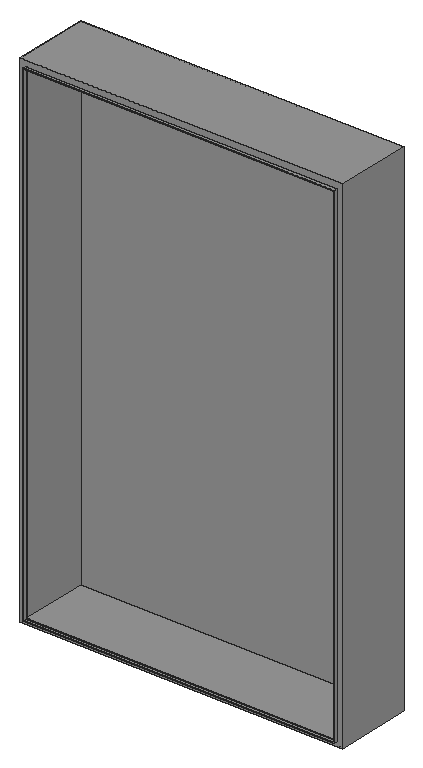
Revit family "Hager-Univers-IP30-D205-H1250-Cl.II-Encl-NoHosted-CH-fr", category Electrical Equipment, Revit 2020
Family settings
  Panel Configuration = Two Columns, Circuits Across
  Round Connector Dimension = Use Diameter
  Part Type = Panelboard
  Work Plane-Based = Yes
  Always vertical = Yes
  Cut with Voids When Loaded = No
  Shared = No
  Room Calculation Point = No
Parameters (values of type "saillie IP30 L800 H1250 P205  - FP83Q1S")
  Width Control [instance] = if([EF000008 - largeur] > Min Width, [EF000008 - largeur], Min Width)  # 800 mm
  Type Comments = [HG000003 - Gamme]  # "Univers"
  Thickness Door [instance] = if([EF009171 - épaisseur de matériau de la porte/du couvercle] > 3 mm, 3 mm, [EF009171 - épaisseur de matériau de la porte/du couvercle])  # 1 mm
  Seal Frame Offset [instance] = 17 mm  # constant formula
  Plinth Visibility [instance] = [HG000027 - Hauteur du socle] > 0 mm  # no
  Min Width [instance] = 100 mm  # constant formula
  Min Depth [instance] = (2 * [EF009170 - épaisseur de matériau du boîtier]) + 1 mm  # 3 mm
  Min Height [instance] = 100 mm  # constant formula
  Internal Frame Depth [instance] = (Door System Depth * 0.5)  # 9 mm
  Panel Name [instance] = ""  # (empty or 0)
  Model = ""
  HG000027 - Hauteur du socle = 0 mm
  HG000026 - Installation au sol = no
  HG000024 - Hauteur de la section basse = 600 mm
  HG000023 - Armoire double section = no
  HG000016 - Visibilité de la porte 3D [instance] = yes
  HG000015 - Visibilité de l'emprise de la porte [instance] = no
  HG000014 - Porte à droite [instance] = yes
  HG000013 - Porte à gauche [instance] = not([HG000014 - Porte à droite])  # no
  HG000012 - Angle de pivotement de la porte [instance] = 30.00°
  HG000010 - Portes asymétriques = no
  HG000009 - Porte à double battant = no
  HG000006 - Encastré = no
  HG000004 - Référence fabricant = "FP83Q1S"
  HG000003 - Gamme = "Univers"
  HG000002 - avec porte = no
  Frame Offset Bottom [instance] = 10 mm  # constant formula
  Frame Offset [instance] = 15 mm  # constant formula
  EF015940 - couvercle avec décharge de pression = no
  EF011959 - degré de protection (NEMA) = ""
  EF009554 - nombre d'ouvertures pour plaques à bride = 6
  EF009212 - finition du couvercle = "EV009916 - avec échancrure"
  EF009171 - épaisseur de matériau de la porte/du couvercle = 1 mm
  EF009170 - épaisseur de matériau du boîtier = 1 mm
  EF008873 - courant nominal (In) = 250 A
  EF007800 - adapté à un parafoudre = no
  EF006306 - avec serrure = no
  EF006244 - couvercle/porte transparent(e) = no
  EF005474 - indice de protection (IP) = "EV006410 - IP30"
  EF004464 - type de porte = "EV000494 - sans"
  EF004427 - nombre de modules = 288
  EF004293 - indice de protection contre les chocs (IK) = "EV006813 - IK07"
  EF003532 - convient pour utilisation à l’extérieur = no
  EF002950 - largeur en nombre de modules = 36
  EF001613 - maintien de fonction = "EV000494 - sans"
  EF001596 - matériau du boîtier/corps = "EV000179 - acier"
  EF001131 - profondeur intérieure = 130 mm
  EF001088 - possibilité de montage en saillie = yes
  EF000437 - nombre d'entrées de conduit = 6
  EF000339 - type de capot = "EV000494 - sans"
  EF000266 - nombre de rangées = 8
  EF000218 - profondeur d'encastrement = 0 mm
  EF000118 - avec cadre/support de montage = no
  EF000116 - numéro RAL = "9010"
  EF000049 - profondeur = 205 mm
  EF000040 - hauteur = 1250 mm
  EF000008 - largeur = 800 mm
  EF000007 - couleur = "EV000202 - blanc"
  EF000003 - mode de pose = "EV000384 - saillie"
  Door System Leaf Tolerance [instance] = 1.5 mm  # constant formula
  Door System Depth [instance] = 18 mm  # constant formula
  Door Height [instance] = Height Control - [HG000027 - Hauteur du socle]  # 1250 mm
  Description = ""
  Default Elevation = 1219.2 mm
  Connector Offset [instance] = Height Control / 2  # 625 mm
  Manufacturer = "Hager"  # constant formula
  Height Control [instance] = if([EF000040 - hauteur] > Min Height, [EF000040 - hauteur], Min Height)  # 1250 mm
  Depth Control [instance] = if([EF000049 - profondeur] > Min Depth, [EF000049 - profondeur], Min Depth)  # 205 mm
  Bottom Top Plate Trim [instance] = 1.5 mm  # constant formula
  Plinth height Ctrl [instance] = if([HG000027 - Hauteur du socle] > 0 mm, [HG000027 - Hauteur du socle], 12 mm)  # 12 mm
Types (5, lengths in mm): name | Width Control | HG000004 - Référence fabricant | EF009554 - nombre d'ouvertures pour plaques à bride | EF004427 - nombre de modules | EF002950 - largeur en nombre de modules | EF000437 - nombre d'entrées de conduit | EF000008 - largeur
  saillie IP30 L1050 H1250 P205  - FP84Q1S | 1050 | "FP84Q1S" | 8 | 384 | 48 | 8 | 1050
  saillie IP30 L1300 H1250 P205  - FP85Q1S | 1300 | "FP85Q1S" | 10 | 480 | 60 | 10 | 1300
  saillie IP30 L300 H1250 P205  - FP81Q1S | 300 | "FP81Q1S" | 2 | 96 | 12 | 2 | 300
  saillie IP30 L550 H1250 P205  - FP82Q1S | 550 | "FP82Q1S" | 4 | 192 | 24 | 4 | 550
  saillie IP30 L800 H1250 P205  - FP83Q1S | 800 | "FP83Q1S" | 6 | 288 | 36 | 6 | 800
Reference planes
  plane 1 "Center (Front/Back)": y = 0
  plane 2: z = 0
  plane 3 "Center (Left/Right)": x = 0
  plane 4: y = 0
  plane 5: y = 0
  plane 6: z = 0
  plane 7: x = -400
  plane 8: x = 400
  plane 9: x = 399
  plane 10: x = -399
  plane 11: z = 0
  plane 12: z = 1
  plane 13: y = -205
  plane 14: y = -1
  plane 15: x = 0
  plane 16: y = -187
  plane 17: y = -204
  plane 18: y = -186
  plane 19: x = -384
  plane 20: x = 384
  plane 21: z = 11
  plane 22: x = -383
  plane 23: x = 383
  plane 24: z = 0
  plane 25: z = 1250
  plane 26: z = 1250
  plane 27: z = 1234
  plane 28: z = 1249
Forms (mm)
  Extrusion 1, solid, material "Hager_Steel_RAL7035_Light_Grey", detail levels medium+fine
    sketch origin (-208.679, -4572, 0) x (-1, 0, 0) y (0, -1, 0)
      loop
        line (191.321, -4385) -> (-608.679, -4385) -> (-608.679, -4572) -> (191.321, -4572) -> (191.321, -4385)
    from 0 to 1250
  Extrusion 2, void
    sketch origin (-350.771, -205, 1219.2) x (1, 0, 0) y (0, 0, 1)
      loop
        line (-48.229, 29.8) -> (-48.229, -1218.2) -> (749.771, -1218.2) -> (749.771, 29.8) -> (-48.229, 29.8)
    from -19 to -204
  Extrusion 3, void
    sketch origin (-290.084, -187, 1219.2) x (1, 0, 0) y (0, 0, 1)
      loop
        line (-93.916, -1208.2) -> (674.084, -1208.2) -> (674.084, 14.8) -> (-93.916, 14.8) -> (-93.916, -1208.2)
    from 0 to -1
  Extrusion 4, solid, material "Hager_Steel_RAL7035_Light_Grey", visible <- "Plinth Visibility", detail levels medium+fine
    sketch origin (0, 0, 0) x (1, 0, 0) y (0, 1, 0)
      loop
        line (-400, 0) -> (-400, -187) -> (400, -187) -> (400, 0) -> (-400, 0)
    from 0 to 12 <- "Plinth height Ctrl"
  Extrusion 5, solid, material "Hager_Steel_RAL7035_Light_Grey", detail levels coarse
    sketch origin (0, 0, 0) x (1, 0, 0) y (0, 1, 0)
      loop
        line (-400, 0) -> (-400, -205) -> (400, -205) -> (400, 0) -> (-400, 0)
    from 0 to 1250 <- "Height Control"
  Sweep 6, void
    path in 3D
      loop
        line (-400, -187, 12) -> (400, -187, 12) -> (400, 0, 12) -> (-400, 0, 12) -> (-400, -187, 12)
    profile origin (-400, -93.5, 12) x (1, 0, 0) y (0, 0, 1)
      loop
        line (0, 0) -> (0, -1.5) -> (1.5, -1.5)
        arc (1.5, -1.5) -> (1.061, -0.439) -> (0, 0) r 1.5
  Extrusion 7, solid, material "Hager_Steel_RAL7035_Light_Grey", detail levels fine
    sketch origin (-400, -187, 0) x (1, 0, 0) y (0, 0, 1)
      loop
        line (16, 11) -> (784, 11) -> (784, 1234) -> (16, 1234) -> (16, 11)
      loop
        line (15, 10) -> (785, 10) -> (785, 1235) -> (15, 1235) -> (15, 10)
    from 0 to 9 <- "Internal Frame Depth"
Cuts and joins
  Extrusion 2, Extrusion 3 cuts Extrusion 1
  Sweep 6 cuts Extrusion 4
Lines and regions (mm)
  Masking region 1
    outline origin (0, 0, 0) x (1, 0, 0) y (0, 1, 0)
      loop
        line (-400, 0) -> (-400, -205) -> (400, -205) -> (400, 0) -> (-400, 0)
  Masking region 2, detail levels coarse
    outline origin (-290.084, -187, 1219.2) x (-1, 0, 0) y (0, 0, 1)
      loop
        line (-690.084, -1219.2) -> (109.916, -1219.2) -> (109.916, 30.8) -> (-690.084, 30.8) -> (-690.084, -1219.2)
  Masking region 3, detail levels coarse
    outline origin (0, 0, 0) x (0, 1, 0) y (0, 0, 1)
      loop
        line (0, 0) -> (0, 1250) -> (-205, 1250) -> (-205, 0) -> (0, 0)
  Masking region 4, visible <- "Plinth Visibility", detail levels medium+fine
    outline origin (0, 0, 0) x (0, 1, 0) y (0, 0, 1)
      loop
        line (-1.5, 12) -> (-185.5, 12)
        arc (-185.5, 12) -> (-185.939, 10.939) -> (-187, 10.5) r 1.5
        line (-187, 10.5) -> (-187, 0) -> (0, 0) -> (0, 10.5)
        arc (0, 10.5) -> (-1.061, 10.939) -> (-1.5, 12) r 1.5
  Masking region 5, detail levels medium+fine
    outline origin (0, 0, 594.038) x (0, 1, 0) y (0, 0, 1)
      loop
        line (0, -594.038) -> (0, 655.962) -> (-187, 655.962) -> (-187, -594.038) -> (0, -594.038)
  Masking region 6, detail levels medium+fine
    outline origin (-359.7, -187, 1211.883) x (-1, 0, 0) y (0, 0, 1)
      loop
        line (-759.7, -1211.883) -> (40.3, -1211.883) -> (40.3, 38.117) -> (-759.7, 38.117) -> (-759.7, -1211.883)
  Masking region 7, visible <- "Plinth Visibility", detail levels medium+fine
    outline origin (-320.334, -187, 1041.368) x (-1, 0, 0) y (0, 0, 1)
      loop
        line (-720.334, -1041.368) -> (79.666, -1041.368) -> (79.666, -1030.868)
        arc (79.666, -1030.868) -> (78.606, -1030.429) -> (78.166, -1029.368) r 1.5
        line (78.166, -1029.368) -> (-718.834, -1029.368)
        arc (-718.834, -1029.368) -> (-719.273, -1030.429) -> (-720.334, -1030.868) r 1.5
        line (-720.334, -1030.868) -> (-720.334, -1041.368)
  sketch lines
    curve 1: line (-400, 0, 12) -> (-400, -187, 12)
    curve 2: line (-400, -187, 12) -> (400, -187, 12)
    curve 3: line (400, 0, 12) -> (-400, 0, 12)
    curve 4: line (400, -187, 12) -> (400, 0, 12)
Dimensions and locks
  locked: plane 1 "Center (Front/Back)" to plane 5
  "EF009170 - épaisseur de matériau du boîtier": plane 7 to plane 10
  "EF009170 - épaisseur de matériau du boîtier": plane 8 to plane 9
  equal spacing: plane 7, plane 3 "Center (Left/Right)", plane 8
  "Width Control": plane 7 to plane 8
  "Depth Control": plane 4 to plane 13
  "EF009170 - épaisseur de matériau du boîtier": plane 4 to plane 14
  "Height Control": plane 25 to level
  "HG000027 - Hauteur du socle": plane 11 to level
  "EF009170 - épaisseur de matériau du boîtier": plane 12 to plane 11
  "EF009170 - épaisseur de matériau du boîtier": plane 17 to plane 13
  "EF009170 - épaisseur de matériau du boîtier": plane 18 to plane 16
  "Frame Offset Bottom": plane 21 to plane 12
  "Frame Offset": plane 10 to plane 19
  "Frame Offset": plane 9 to plane 20
  "Door System Depth": plane 16 to plane 13
  "Seal Frame Offset": plane 7 to plane 22
  "Seal Frame Offset": plane 8 to plane 23
  "EF009170 - épaisseur de matériau du boîtier": plane 26 to plane 28
  "Frame Offset": plane 28 to plane 27
  "Connector Offset": plane 2 to connector elem
  "Bottom Top Plate Trim": profile plane to Sweep 6 sketch curve
  "Bottom Top Plate Trim": Sweep 6 sketch curve to Sweep 6 sketch curve
  "Plinth height Ctrl": Masking region 4 sketch curve to level
  "Plinth height Ctrl": Masking region 7 sketch curve to level
  "Thickness Door": Extrusion 7 sketch curve to Extrusion 7 sketch curve  (x4)
  "Bottom Top Plate Trim": radius of Sweep 6 sketch curve
  "Bottom Top Plate Trim": radius of Masking region 4 sketch curve  (x2)
  "Bottom Top Plate Trim": radius of Masking region 7 sketch curve  (x2)
  aligned and locked: Extrusion 2 sketch curve to plane 12
  aligned and locked: Extrusion 2 sketch curve to plane 9
  aligned and locked: Extrusion 2 sketch curve to plane 10
  aligned and locked: Extrusion 2 to plane 14
  aligned and locked: Extrusion 1 sketch curve to plane 4
  aligned and locked: plane 8 to Extrusion 1 sketch curve
  aligned and locked: plane 7 to Extrusion 1 sketch curve
  aligned and locked: Extrusion 2 to plane 18
  aligned and locked: Extrusion 3 sketch curve to plane 19
  aligned and locked: plane 20 to Extrusion 3 sketch curve
  aligned and locked: Extrusion 3 to Extrusion 2
  aligned and locked: Extrusion 3 sketch curve to plane 21
  aligned and locked: plane 3 "Center (Left/Right)" to nested 1
  aligned and locked: Extrusion 1 sketch curve to plane 16
  aligned and locked: Extrusion 4 sketch curve to cut or joined group of Extrusion 1, Extrusion 2, Extrusion 3
  aligned and locked: Masking region 1 sketch curve to plane 7
  aligned and locked: Masking region 1 sketch curve to plane 5
  aligned and locked: Masking region 1 sketch curve to plane 8
  aligned and locked: Masking region 2 sketch curve to level
  aligned and locked: level to Masking region 3 sketch curve
  aligned and locked: plane 1 "Center (Front/Back)" to Masking region 3 sketch curve
  aligned and locked: plane 13 to Masking region 3 sketch curve
  aligned and locked: plane 5 to Masking region 4 sketch curve
  aligned and locked: Masking region 2 sketch curve to plane 8
  aligned and locked: Masking region 2 sketch curve to plane 7
  aligned and locked: plane 7 to nested 2
  aligned and locked: nested 2 to plane 5
  aligned and locked: plane 5 to Masking region 5 sketch curve
  aligned and locked: plane 26 to Masking region 5 sketch curve
  aligned and locked: Extrusion 5 sketch curve to plane 8
  aligned and locked: Extrusion 5 sketch curve to plane 7
  aligned and locked: Extrusion 5 sketch curve to plane 5
  aligned and locked: Extrusion 3 sketch curve to plane 27
  aligned and locked: Extrusion 2 sketch curve to plane 28
  aligned and locked: Masking region 2 to plane 25
  aligned and locked: Extrusion 4 to plane 16
  aligned and locked: profile plane to Sweep 6 sketch curve
  aligned and locked: Masking region 5 sketch curve to plane 24
  aligned and locked: level to Masking region 4 sketch curve
  aligned and locked: Masking region 1 to plane 13
  aligned and locked: nested 1 to plane 16
  aligned and locked: Masking region 3 to plane 25
  aligned and locked: plane 16 to Masking region 4 sketch curve
  aligned and locked: Masking region 5 sketch curve to plane 16
  aligned and locked: plane 24 to plane 11
  aligned and locked: plane 26 to plane 25
  aligned and locked: plane 26 to cut or joined group of Extrusion 1, Extrusion 2, Extrusion 3
  aligned and locked: nested 1 to plane 24
  aligned and locked: Extrusion 1 to Extrusion 3
  aligned and locked: Masking region 6 sketch curve to plane 8
  aligned and locked: Masking region 6 sketch curve to plane 24
  aligned and locked: Masking region 6 sketch curve to plane 7
  aligned and locked: Masking region 6 sketch curve to plane 26
  aligned and locked: Masking region 7 sketch curve to plane 7
  aligned and locked: level to Masking region 7 sketch curve
  aligned and locked: Masking region 7 sketch curve to plane 8
  aligned and locked: Extrusion 7 sketch curve to cut or joined group of Extrusion 1, Extrusion 2, Extrusion 3  (x4)
Automatic sketch dimensions
  plane 19 to Extrusion 3 sketch curve = 0 mm
  Extrusion 3 sketch curve to plane 20 = 0 mm
  Extrusion 3 sketch curve to plane 21 = 0 mm
  Extrusion 4 sketch curve to plane 7 = 0 mm
  Extrusion 4 sketch curve to plane 8 = 0 mm
  Extrusion 4 sketch curve to plane 16 = 0 mm
  Masking region 1 sketch curve to plane 13 = 0 mm
  Masking region 2 sketch curve to plane 25 = 0 mm
  Masking region 3 sketch curve to plane 25 = 0 mm
  Extrusion 5 sketch curve to plane 13 = 0 mm
  profile plane to Sweep 6 sketch curve = 0 mm
Nested families
  nested 1: "EC000058_Univers_Door" at (0, -187, 0), Double <- "HG000009 - Porte à double battant", Transparent <- "EF006244 - couvercle/porte transparent(e)", Angle <- "HG000012 - Angle de pivotement de la porte", Door_Right <- "HG000014 - Porte à droite", Assymetrical <- "HG000010 - Portes asymétriques", Door <- "HG000002 - avec porte", Width_Ctrl <- "Width Control", 3d_Door <- "HG000016 - Visibilité de la porte 3D", Clearance <- "HG000015 - Visibilité de l'emprise de la porte", Door_Left <- "HG000013 - Porte à gauche", Width <- "Width Control", Door_Depth <- "Door System Depth", Leaf_Tolerance <- "Door System Leaf Tolerance", Height <- "Door Height", Lock_Visibility <- "EF006306 - avec serrure", Thickness <- "Thickness Door", type "EC000058_Univers_Door", detail levels medium+fine
    with min_wh 3 mm, Width_Ctrl 800 mm, Width 800 mm, Transparent no, Thickness 1 mm, Seal_Material Hager_Rubber, Lock_Visibility no, Lock_Material Hager_Plastic_RAL9005_Jet_Black, Leaf_Width 800 mm, Leaf_Tolerance_External_Sides 0 mm, Leaf_Tolerance 1.5 mm, Leaf_Offset 0 mm, Leaf_Height 1247 mm, Leaf_2_Width 800 mm, Leaf_2_Offset 400 mm, Leaf_1_Width 800 mm, Leaf_1_Offset 400 mm, Height_Ctrl 1250 mm, Height 1250 mm, Glass_Material Hager_Glass, Double_Clearance_Ctrl no, Double no, Door_Right_Ctrl no, Door_Right yes, Door_Material Hager_Steel_RAL7035_Light_Grey, Door_Left_Ctrl no, Door_Left no, Door_Depth 18 mm, Door no, Clearance_Material Hager_Clearance, Clearance_Depth 800 mm, Clearance_Ctrl no, Clearance no, Assymetrical no, Angle 30.00°, 3d_Door yes
  nested 2: "Hager_Enclosure_Symbol" at (-400, 0, 0), Height <- "Depth Control", Width <- "Width Control", type "Hager_Enclosure_Symbol"
    with Width_Ctrl 800 mm, Width 800 mm, Height_Ctrl 205 mm, Height 205 mm, A_Width_Int 13.453 mm, A_Width 161.438 mm, A_Height_Ctrl 179.375 mm, A_Height 179.375 mm
Connectors
  electrical at (0, 0, 625)
    settings: on plane 1 "Center (Front/Back)", index 1, voltage 0 V, apparent load 0 VA, apparent load phase1 0 VA, apparent load phase2 0 VA, apparent load phase3 0 VA, power factor 1, load classification "Other", number of poles 1, system type 30, power factor state 1, is connector primary yes, connector utility no, sub classification motor no, connector description ""
Definition of nested family "EC000058_Univers_Door"
  Parameters (values of type "EC000058_Univers_Door")
    min_wh [instance] = (2 * Thickness) + 1 mm  # 11 mm
    Width_Ctrl [instance] = 400 mm
    Width [instance] = 500 mm
    Transparent [instance] = yes
    Thickness [instance] = 5 mm
    Seal_Material [instance] = none
    Lock_Visibility [instance] = yes
    Lock_Material [instance] = none
    Leaf_Width [instance] = if((Width_Ctrl - 2 * Leaf_Tolerance_External_Sides) > 0 mm, (Width_Ctrl - 2 * Leaf_Tolerance_External_Sides), min_wh)  # 400 mm
    Leaf_Tolerance_External_Sides [instance] = 0 mm  # constant formula
    Leaf_Tolerance [instance] = 1.5 mm
    Leaf_Offset [instance] = 0 mm  # constant formula
    Leaf_Height [instance] = if((Height_Ctrl - 2 * Leaf_Tolerance) > 0 mm, (Height_Ctrl - 2 * Leaf_Tolerance), min_wh)  # 497 mm
    Leaf_2_Width [instance] = if(and(and(Double, Assymetrical), Door_Left), (Leaf_Width / 3) - (Leaf_Tolerance / 2), if(and(and(Double, Assymetrical), Door_Right), (Leaf_Width / 3) * 2 - (Leaf_Tolerance / 2), if(and(Double, not(Assymetrical)), (Leaf_Width / 2) - Leaf_Tolerance, Leaf_Width)))  # 400 mm
    Leaf_2_Offset [instance] = if(and(Double, Assymetrical), Leaf_2_Width / 2, if(and(Double, not(Assymetrical)), Leaf_Width / 4, Leaf_Width / 2))  # 200 mm
    Leaf_1_Width [instance] = if(and(and(Double, Assymetrical), Door_Right), (Leaf_Width / 3) - (Leaf_Tolerance / 2), if(and(and(Double, Assymetrical), Door_Left), (Width / 3) * 2 - (Leaf_Tolerance / 2), if(and(Double, not(Assymetrical)), (Leaf_Width / 2) - Leaf_Tolerance, Leaf_Width)))  # 400 mm
    Leaf_1_Offset [instance] = if(and(Double, Assymetrical), Leaf_1_Width / 2, if(and(Double, not(Assymetrical)), Leaf_Width / 4, Leaf_Width / 2))  # 200 mm
    Height_Ctrl [instance] = if(Height > min_wh, Height, min_wh)  # 500 mm
    Height [instance] = 500 mm
    Glass_Material [instance] = none
    Double_Clearance_Ctrl [instance] = and(Double, Clearance)  # no
    Double [instance] = no
    Door_Right_Ctrl [instance] = and(or(Door_Right, Double), Door)  # yes
    Door_Right [instance] = yes
    Door_Material [instance] = none
    Door_Left_Ctrl [instance] = and(or(Door_Left, Double), Door)  # no
    Door_Left [instance] = no
    Door_Depth [instance] = 30 mm
    Door [instance] = yes
    Default Elevation = 1219.2 mm
    Clearance_Material [instance] = none
    Clearance_Depth [instance] = if(Leaf_1_Width > Leaf_2_Width, Leaf_1_Width, Leaf_2_Width)  # 400 mm
    Clearance_Ctrl [instance] = and(not(Double), Clearance)  # yes
    Clearance [instance] = yes
    Assymetrical [instance] = yes
    Angle [instance] = 30.00°
    3d_Door [instance] = yes
  Reference planes
    plane 1 "Center (Front/Back)": y = 0
    plane 2 "Bottom": z = 0
    plane 3 "Center (Left/Right)": x = 0
    plane 4: z = 500
    plane 5: x = -200
    plane 6: x = 200
    plane 7: z = 500
    plane 8: x = -200
    plane 9: z = 0
    plane 10: x = 200
    plane 11: y = 0
    plane 12: z = 1.5
    plane 13: x = -600
    plane 14: y = -400
    plane 15: x = 600
    plane 16: x = 0
    plane 17: x = 0
    plane 18: x = -200
    plane 19: x = 200
    plane 20: z = 498.5
  Forms (mm)
    Extrusion 1, solid, material <- "Clearance_Material", visible <- "Double_Clearance_Ctrl"
      sketch origin (1200, 0, 0) x (1, 0, 0) y (0, 0, -1)
        loop
          line (-1800, -498.5) -> (-600, -498.5) -> (-600, 0) -> (-1800, 0) -> (-1800, -498.5)
      from 0 to -400
  Dimensions and locks
    equal spacing: plane 5, plane 3 "Center (Left/Right)", plane 6
    "Width_Ctrl": plane 5 to plane 6
    "Leaf_Offset": plane 5 to plane 8
    "Leaf_Offset": plane 6 to plane 10
    "Leaf_Offset": plane 9 to level
    "Leaf_Offset": plane 4 to plane 7
    "Height_Ctrl": plane 4 to level
    "Leaf_Tolerance": plane 12 to plane 9
    locked: plane 11 to plane 1 "Center (Front/Back)"
    "Leaf_1_Offset": plane 18 to plane 16
    "Leaf_2_Offset": plane 17 to plane 19
    "Leaf_1_Width": plane 13 to plane 8
    "Leaf_2_Width": plane 10 to plane 15
    "Clearance_Depth": plane 14 to plane 1 "Center (Front/Back)"
    "Leaf_Tolerance_External_Sides": plane 8 to plane 18
    "Leaf_Tolerance_External_Sides": plane 19 to plane 10
    "Leaf_Tolerance": plane 7 to plane 20
    aligned and locked: level to plane 2 "Bottom"
    aligned and locked: nested 1 to plane 16
    aligned and locked: nested 2 to plane 17
    aligned and locked: Extrusion 1 to plane 13
    aligned and locked: plane 15 to Extrusion 1
    aligned and locked: Extrusion 1 to plane 14
    aligned and locked: plane 12 to nested 1
    aligned and locked: nested 2 to plane 12
    aligned and locked: Extrusion 1 to plane 11
    aligned and locked: plane 20 to Extrusion 1
    aligned and locked: nested 2 to plane 11
    aligned and locked: nested 1 to plane 11
  Automatic sketch dimensions
    Extrusion 1 sketch curve to level = 0 mm
    plane 5 to Extrusion 1 sketch curve = 400 mm
    plane 6 to Extrusion 1 sketch curve = 400 mm
    Extrusion 1 sketch curve to plane 4 = 1.5 mm
  Nested families
    nested 1: "EC000058_Univers_Door_Leaf" at (0, 0, 1.5), Width <- "Leaf_1_Width", visible <- "Door_Left_Ctrl", Leaf_Height <- "Leaf_Height", Angle <- "Angle", 3d_Door <- "3d_Door", Transparent <- "Transparent", Clearance Material <- "Clearance_Material", Clearance <- "Clearance_Ctrl", Door_Material <- "Door_Material", Glass_Material <- "Glass_Material", Door_Depth <- "Door_Depth", Lock_Material <- "Lock_Material", Seal_Material <- "Seal_Material", Lock_Visibility <- "Lock_Visibility", Thickness <- "Thickness", type "EC000058_Univers_Door_Leaf"
      with Width 400 mm, Transparent_Glass_Offset 30 mm, Transparent_Ctrl yes, Transparent yes, Thickness 5 mm, Standard no, Seal_Material none, Seal_D2 8 mm, Seal_D1 1 mm, Offset_Internal_Frame 10 mm, Lock_Width 20 mm, Lock_Visibility_3d yes, Lock_Visibility yes, Lock_Thickness_3 3 mm, Lock_Thickness_2 1 mm, Lock_Thickness_1 3 mm, Lock_Radius_Offset_2 16 mm, Lock_Radius_Offset_1 15 mm, Lock_Radius_2 5 mm, Lock_Radius 6 mm, Lock_Offset 5 mm, Lock_Material none, Lock_Height 80 mm, Lock_Cover_Top_Offset_2d 17 mm, Lock_Cover_Height -65 mm, Leaf_Height 497 mm, Internal_Seal_Thickness 8 mm, Internal_Seal_Depth_2 4.5 mm, Internal_Frame_Depth 25 mm, Glass_Thickness -1 mm, Glass_Offset -2 mm, Glass_Material none, Door_Material none, Door_Depth 30 mm, Clearance Material none, Clearance yes, Angle_Ctrl 30.00°, Angle 30.00°, 3d_Door yes
    nested 2: "EC000058_Univers_Door_Leaf" at (0, 0, 1.5) x (-1, 0, 0) z (0, 0, 1), Width <- "Leaf_2_Width", visible <- "Door_Right_Ctrl", Leaf_Height <- "Leaf_Height", Angle <- "Angle", 3d_Door <- "3d_Door", Transparent <- "Transparent", Clearance Material <- "Clearance_Material", Clearance <- "Clearance_Ctrl", Door_Material <- "Door_Material", Glass_Material <- "Glass_Material", Door_Depth <- "Door_Depth", Lock_Material <- "Lock_Material", Seal_Material <- "Seal_Material", Lock_Visibility <- "Lock_Visibility", Thickness <- "Thickness", type "EC000058_Univers_Door_Leaf"
      with Width 400 mm, Transparent_Glass_Offset 30 mm, Transparent_Ctrl yes, Transparent yes, Thickness 5 mm, Standard no, Seal_Material none, Seal_D2 8 mm, Seal_D1 1 mm, Offset_Internal_Frame 10 mm, Lock_Width 20 mm, Lock_Visibility_3d yes, Lock_Visibility yes, Lock_Thickness_3 3 mm, Lock_Thickness_2 1 mm, Lock_Thickness_1 3 mm, Lock_Radius_Offset_2 16 mm, Lock_Radius_Offset_1 15 mm, Lock_Radius_2 5 mm, Lock_Radius 6 mm, Lock_Offset 5 mm, Lock_Material none, Lock_Height 80 mm, Lock_Cover_Top_Offset_2d 17 mm, Lock_Cover_Height -65 mm, Leaf_Height 497 mm, Internal_Seal_Thickness 8 mm, Internal_Seal_Depth_2 4.5 mm, Internal_Frame_Depth 25 mm, Glass_Thickness -1 mm, Glass_Offset -2 mm, Glass_Material none, Door_Material none, Door_Depth 30 mm, Clearance Material none, Clearance yes, Angle_Ctrl 30.00°, Angle 30.00°, 3d_Door yes
  Definition of nested family "EC000058_Univers_Door_Leaf"
    Parameters (values of type "EC000058_Univers_Door_Leaf")
      Width [instance] = 2000 mm
      Transparent_Glass_Offset [instance] = 30 mm
      Transparent_Ctrl [instance] = and(Transparent, [3d_Door])  # yes
      Transparent [instance] = yes
      Thickness [instance] = 5 mm
      Standard [instance] = and(not(Transparent), [3d_Door])  # no
      Seal_Material [instance] = none
      Seal_D2 [instance] = 8 mm  # constant formula
      Seal_D1 [instance] = 1 mm  # constant formula
      Offset_Internal_Frame [instance] = 10 mm  # constant formula
      Lock_Width [instance] = 20 mm  # constant formula
      Lock_Visibility_3d [instance] = and(Lock_Visibility, [3d_Door])  # yes
      Lock_Visibility [instance] = yes
      Lock_Thickness_3 [instance] = 3 mm  # constant formula
      Lock_Thickness_2 [instance] = 1 mm  # constant formula
      Lock_Thickness_1 [instance] = 3 mm  # constant formula
      Lock_Radius_Offset_2 [instance] = Lock_Radius_Offset_1 + 1 mm  # 16 mm
      Lock_Radius_Offset_1 [instance] = 15 mm  # constant formula
      Lock_Radius_2 [instance] = Lock_Radius - 1 mm  # 5 mm
      Lock_Radius [instance] = 6 mm  # constant formula
      Lock_Offset [instance] = 5 mm  # constant formula
      Lock_Material [instance] = none
      Lock_Height [instance] = 80 mm  # constant formula
      Lock_Cover_Top_Offset_2d [instance] = Lock_Radius_Offset_2 + 1 mm  # 17 mm
      Lock_Cover_Height [instance] = -(Lock_Height - Lock_Radius_Offset_1)  # -65 mm
      Leaf_Height [instance] = 2720.336 mm
      Internal_Seal_Thickness [instance] = 8 mm  # constant formula
      Internal_Seal_Depth_2 [instance] = 4.5 mm  # constant formula
      Internal_Frame_Depth [instance] = if(Door_Depth - Thickness > 5 mm, Door_Depth - Thickness, 5 mm)  # 25 mm
      Glass_Thickness [instance] = if(Thickness > 15 mm, Glass_Offset + 10 mm, -1 mm)  # -1 mm
      Glass_Offset [instance] = if(Thickness > 15 mm, -(Thickness + 10 mm) / 2, -2 mm)  # -2 mm
      Glass_Material [instance] = none
      Door_Material [instance] = none
      Door_Depth [instance] = 30 mm
      Default Elevation = 0 mm
      Clearance Material [instance] = none
      Clearance [instance] = yes
      Angle_Ctrl [instance] = if(Angle > 180.00°, 180.00°, Angle)  # 90.00°
      Angle [instance] = 90.00°
      3d_Door [instance] = yes
    Reference planes
      plane 1 "Center (Front/Back)": y = 0
      plane 2: z = 0
      plane 3 "Center (Left/Right)": x = 0
      plane 4: y = 2000
      plane 5: x = -1000
      plane 6: x = 1000
      plane 7: x = -3000
      plane 8: z = 2720.336
      plane 9: z = 30
      plane 10: z = 2690.336
      plane 11: x = 970
      plane 12: x = -970
      plane 13: y = -3
      plane 14: z = 107.833
      plane 15: y = -5
      plane 16: y = -223.314
      plane 17: x = -1000
      plane 18: z = 1360.168
      plane 19: y = 30
    Forms (mm)
      Extrusion 1, solid, material <- "Clearance Material", visible <- "Clearance"
        sketch origin (0, 0, 0) x (1, 0, 0) y (0, 0, 1)
          loop
            line (-3000, 2720.336) -> (-3000, 0) -> (1000, 0) -> (1000, 2720.336) -> (-3000, 2720.336)
        from 0 to -2000
      Extrusion 2, solid, material <- "Door_Material", visible <- "Standard", detail levels medium+fine
        sketch origin (-1000, 0, 0) x (0, 1, 0) y (-1, 0, 0)
          loop
            line (0, 30) -> (0, 25) -> (2000, 25) -> (2000, 30) -> (0, 30)
        from 0 to 2720.336 <- "Leaf_Height"
      Extrusion 3, solid, material <- "Door_Material", visible <- "Transparent_Ctrl", detail levels medium+fine
        sketch origin (-1000, 0, 0) x (0, 1, 0) y (-1, 0, 0)
          loop
            line (0, 25) -> (2000, 25) -> (2000, 30) -> (0, 30) -> (0, 25)
        from 0 to 2720.336 <- "Leaf_Height"
      Extrusion 4, void
        sketch origin (-1025, 2000, 0) x (0, 1, 0) y (0, 0, -1)
          loop
            line (-30, -2690.336) -> (-30, -30) -> (-1970, -30) -> (-1970, -2690.336) -> (-30, -2690.336)
        from 0 to 5 <- "Thickness"
      Sweep 5, solid, material <- "Seal_Material", visible <- "Transparent_Ctrl", detail levels fine
        path in 3D
          loop
            line (-1025, 30, 30) -> (-1025, 30, 2690.336) -> (-1025, 1970, 2690.336) -> (-1025, 1970, 30) -> (-1025, 30, 30)
        profile origin (-1025, 1000, 30) x (1, 0, 0) y (0, 0, 1)
          loop
            line (0, 0) -> (0, -8) -> (1, -8) -> (1, 0) -> (0, 0)
      Extrusion 6, solid, material <- "Glass_Material", visible <- "Transparent_Ctrl", detail levels medium+fine
        sketch origin (-1030, 0, 0) x (0, 1, 0) y (0, 0, -1)
          loop
            line (1970, -2690.336) -> (1970, -30) -> (30, -30) -> (30, -2690.336) -> (1970, -2690.336)
        from -2 <- "Glass_Offset" to -1 <- "Glass_Thickness"
      Extrusion 7, solid, material <- "Door_Material", visible <- "3d_Door", detail levels medium+fine
        sketch origin (-1025, 2000, 0) x (0, -1, 0) y (0, 0, -1)
          loop
            line (0, -2720.336) -> (2000, -2720.336) -> (2000, 0) -> (0, 0) -> (0, -2720.336)
          loop
            line (1995, -5) -> (5, -5) -> (5, -2715.336) -> (1995, -2715.336) -> (1995, -5)
        from 0 to 25 <- "Internal_Frame_Depth"
      Sweep 8, solid, material <- "Seal_Material", visible <- "Transparent_Ctrl", detail levels fine
        path in 3D
          loop
            line (-1025, 0, 0) -> (-1025, 2000, 0) -> (-1025, 2000, 2720.336) -> (-1025, 0, 2720.336) -> (-1025, 0, 0)
        profile origin (-1025, 0, 1360.168) x (1, 0, 0) y (0, 1, 0)
          loop
            line (0, 10) -> (2.975, 10)
            arc (2.975, 10) -> (4.053, 10.447) -> (4.5, 11.525) r 1.525
            line (4.5, 11.525) -> (4.5, 16.527)
            arc (4.5, 16.527) -> (4.069, 17.569) -> (3.027, 18) r 1.473
            line (3.027, 18) -> (0, 18) -> (0, 10)
      Extrusion 9, solid, material <- "Lock_Material", visible <- "Lock_Visibility_3d", detail levels fine
        sketch origin (-1030, 0, 0) x (0, 1, 0) y (0, 0, -1)
          loop
            arc (1993.5, -1400.168) -> (1994.561, -1399.729) -> (1995, -1398.668) r 1.5
            line (1995, -1398.668) -> (1995, -1320.168) -> (1975, -1320.168) -> (1975, -1398.668)
            arc (1975, -1398.668) -> (1975.439, -1399.729) -> (1976.5, -1400.168) r 1.5
            line (1976.5, -1400.168) -> (1993.5, -1400.168)
        from 3 <- "Lock_Thickness_1" to 0
      Blend 10, solid, material <- "Lock_Material", visible <- "Lock_Visibility_3d", detail levels fine
        base sketch origin (-1033, 0, 0) x (0, 1, 0) y (0, 0, -1)
          loop
            line (1975, -1320.168) -> (1975, -1398.668)
            arc (1975, -1398.668) -> (1975.439, -1399.729) -> (1976.5, -1400.168) r 1.5
            line (1976.5, -1400.168) -> (1993.5, -1400.168)
            arc (1993.5, -1400.168) -> (1994.561, -1399.729) -> (1995, -1398.668) r 1.5
            line (1995, -1398.668) -> (1995, -1320.168) -> (1975, -1320.168)
        top sketch origin (-1033, 0, 0) x (0, 1, 0) y (0, 0, -1)
          loop
            line (1976, -1320.168) -> (1976, -1398.668)
            arc (1976, -1398.668) -> (1976.146, -1399.022) -> (1976.5, -1399.168) r 0.5
            line (1976.5, -1399.168) -> (1993.5, -1399.168)
            arc (1993.5, -1399.168) -> (1993.854, -1399.022) -> (1994, -1398.668) r 0.5
            line (1994, -1398.668) -> (1994, -1320.168) -> (1976, -1320.168)
        from 0 to 1 <- "Lock_Thickness_2"
      Blend 11, solid, material <- "Lock_Material", visible <- "Lock_Visibility_3d", detail levels fine
        base sketch origin (-1034, 0, 0) x (0, 1, 0) y (0, 0, -1)
          loop
            line (1978, -1320.168) -> (1978, -1384.168)
            arc (1978, -1384.168) -> (1985, -1391.168) -> (1992, -1384.168) r 7
            line (1992, -1384.168) -> (1992, -1320.168) -> (1978, -1320.168)
        top sketch origin (-1034, 0, 0) x (0, 1, 0) y (0, 0, -1)
          loop
            line (1991, -1320.168) -> (1979, -1320.168) -> (1979, -1383.168)
            arc (1979, -1383.168) -> (1985, -1389.168) -> (1991, -1383.168) r 6
            line (1991, -1383.168) -> (1991, -1320.168)
        from 0 to 3 <- "Lock_Thickness_3"
      Extrusion 12, solid, material <- "Lock_Material", visible <- "Lock_Visibility_3d", detail levels fine
        sketch origin (-1030, 1975, 1320.168) x (1, 0, 0) y (0, -1, 0)
          loop
            line (-7, -19) -> (-7, -1) -> (0, -1) -> (0, 0) -> (-8, 0) -> (-8, -20) -> (0, -20) -> (0, -19) -> (-7, -19)
        from 0 to -65 <- "Lock_Cover_Height"
      Extrusion 13, void
        sketch origin (-1038, 1995, 1320.168) x (-1, 0, 0) y (0, 0, -1)
          loop
            line (-5, -65) -> (0, -65) -> (-5, -60) -> (-5, -65)
        from 0 to 20 <- "Lock_Width"
      Extrusion 14, void
        sketch origin (-1038, 1975, 1320.168) x (0, -1, 0) y (0, 0, -1)
          loop
            circle (-10, -15.995) r 6
          loop
            circle (-10, -15.995) r 5
        from 0 to 2
      Extrusion 15, solid, material <- "Lock_Material", visible <- "Lock_Visibility_3d", detail levels medium
        sketch origin (-1030, 0, 0) x (0, 1, 0) y (0, 0, -1)
          loop
            arc (1993.5, -1400.168) -> (1994.561, -1399.729) -> (1995, -1398.668) r 1.5
            line (1995, -1398.668) -> (1995, -1320.168) -> (1975, -1320.168) -> (1975, -1398.668)
            arc (1975, -1398.668) -> (1975.439, -1399.729) -> (1976.5, -1400.168) r 1.5
            line (1976.5, -1400.168) -> (1993.5, -1400.168)
        from 8 to 0
    Cuts and joins
      Extrusion 4 cuts Extrusion 3
      Extrusion 13, Extrusion 14 cuts Extrusion 9
      Extrusion 14 cuts Blend 11
      Extrusion 13, Extrusion 14 cuts Extrusion 12
      joined: Extrusion 9, Blend 10, Blend 11, Extrusion 12
      Extrusion 14 cuts Extrusion 15
    Lines and regions (mm)
      Masking region 1, visible <- "Lock_Visibility", detail levels fine
        outline origin (0, 0, 0) x (0, 1, 0) y (0, 0, 1)
          loop
            line (30, 1320.168) -> (33, 1320.168) -> (33, 1400.168) -> (30, 1400.168) -> (30, 1320.168)
      Masking region 2, visible <- "Lock_Visibility", detail levels fine
        outline origin (0, 3.143, 0) x (0, 1, 0) y (0, 0, 1)
          loop
            line (29.857, 1354.168) -> (30.857, 1354.168) -> (30.857, 1366.168) -> (29.857, 1366.168) -> (29.857, 1354.168)
      Masking region 3, detail levels medium+fine
        outline origin (0, 0, 0) x (0, 1, 0) y (0, 0, 1)
          loop
            line (0, 0) -> (30, 0) -> (30, 2720.336) -> (0, 2720.336) -> (0, 0)
      Masking region 4, detail levels medium+fine
        outline origin (0, 0, 0) x (1, 0, 0) y (0, 0, 1)
          loop
            line (-1000, 2720.336) -> (-1000, 0) -> (1000, 0) -> (1000, 2720.336) -> (-1000, 2720.336)
      Masking region 5, visible <- "Lock_Visibility", detail levels fine
        outline origin (-47.116, 0, 0) x (1, 0, 0) y (0, 0, 1)
          loop
            arc (1024.616, 1399.168) -> (1023.556, 1398.729) -> (1023.116, 1397.668) r 1.5
            line (1023.116, 1397.668) -> (1023.116, 1320.168) -> (1041.116, 1320.168) -> (1041.116, 1397.668)
            arc (1041.116, 1397.668) -> (1040.677, 1398.729) -> (1039.616, 1399.168) r 1.5
            line (1039.616, 1399.168) -> (1024.616, 1399.168)
      Masking region 6, visible <- "Lock_Visibility", detail levels medium+fine
        outline origin (-25, 0, 0) x (1, 0, 0) y (0, 0, 1)
          loop
            arc (1001.5, 1400.168) -> (1000.439, 1399.729) -> (1000, 1398.668) r 1.5
            line (1000, 1398.668) -> (1000, 1320.168) -> (1020, 1320.168) -> (1020, 1398.668)
            arc (1020, 1398.668) -> (1019.561, 1399.729) -> (1018.5, 1400.168) r 1.5
            line (1018.5, 1400.168) -> (1001.5, 1400.168)
      Masking region 7, visible <- "Lock_Visibility", detail levels fine
        outline origin (-73.735, 0, 0) x (1, 0, 0) y (0, 0, 1)
          loop
            line (1051.735, 1382.168) -> (1065.735, 1382.168) -> (1065.735, 1384.168)
            arc (1065.735, 1384.168) -> (1058.735, 1391.168) -> (1051.735, 1384.168) r 7
            line (1051.735, 1384.168) -> (1051.735, 1382.168)
      Masking region 8, visible <- "Lock_Visibility", detail levels fine
        outline origin (-73.735, 0, 0) x (1, 0, 0) y (0, 0, 1)
          loop
            line (1052.735, 1382.168) -> (1064.735, 1382.168) -> (1064.735, 1383.168)
            arc (1064.735, 1383.168) -> (1058.735, 1389.168) -> (1052.735, 1383.168) r 6
            line (1052.735, 1383.168) -> (1052.735, 1382.168)
      Masking region 9, visible <- "Lock_Visibility", detail levels fine
        outline origin (-25, 0, 0) x (1, 0, 0) y (0, 0, 1)
          loop
            line (1020, 1320.168) -> (1020, 1382.168) -> (1000, 1382.168) -> (1000, 1320.168) -> (1020, 1320.168)
      Masking region 10, detail levels medium+fine
        outline origin (0, 0, 0) x (1, 0, 0) y (0, 0, 1)
          loop
            circle (985, 1335.144) r 6
      Masking region 11, detail levels fine
        outline origin (0, 0, 0) x (1, 0, 0) y (0, 0, 1)
          loop
            circle (985, 1335.144) r 5
      Masking region 12, visible <- "Lock_Visibility", detail levels fine
        outline origin (0, 12.767, 0) x (0, 1, 0) y (0, 0, 1)
          loop
            line (20.233, 1320.168) -> (21.233, 1320.168) -> (21.233, 1399.168) -> (20.233, 1400.168) -> (20.233, 1320.168)
      Masking region 13, visible <- "Lock_Visibility", detail levels fine
        outline origin (0, 13.767, -10) x (0, 1, 0) y (0, 0, 1)
          loop
            line (20.233, 1330.168) -> (23.233, 1330.168) -> (23.233, 1399.168) -> (20.233, 1402.168) -> (20.233, 1330.168)
      Masking region 14, visible <- "Lock_Visibility", detail levels fine
        outline origin (0, 12.767, -10) x (0, 1, 0) y (0, 0, 1)
          loop
            line (20.233, 1330.168) -> (25.233, 1330.168) -> (25.233, 1399.305) -> (20.233, 1394.305) -> (20.233, 1330.168)
      Masking region 15, visible <- "Lock_Visibility", detail levels medium
        outline origin (0, 0, 0) x (0, 1, 0) y (0, 0, 1)
          loop
            line (30, 1320.168) -> (38, 1320.168) -> (38, 1400.168) -> (30, 1400.168) -> (30, 1320.168)
      Masking region 16, visible <- "Lock_Visibility", detail levels fine
        outline origin (-1000, 0, 0) x (0, 1, 0) y (-1, 0, 0)
          loop
            line (1975, 30) -> (1995, 30) -> (1995, 38) -> (1975, 38) -> (1975, 30)
          loop
            line (1979, 37) -> (1976, 37) -> (1976, 34) -> (1978, 34) -> (1979, 37)
          loop
            line (1994, 37) -> (1991, 37) -> (1992, 34) -> (1994, 34) -> (1994, 37)
      Masking region 17, visible <- "Lock_Visibility", detail levels medium
        outline origin (-1000, 0, 0) x (0, 1, 0) y (-1, 0, 0)
          loop
            line (1975, 30) -> (1995, 30) -> (1995, 38) -> (1975, 38) -> (1975, 30)
      symbolic lines
        curve 1: line (1000, 0, 0) -> (-3000, 0, 0)
        curve 2: arc (1000, 0, 0) -> (-1000, 2000, 0) -> (-3000, 0, 0) r 2000
        curve 4: line (-1030, 0, 0) -> (-1030, 2000, 0)
      reference lines
        curve 3: line (-1000, 0, 0) -> (-1000, 2000, 0)
      symbolic lines, detail levels medium+fine
        curve 5: line (-1030, 2000, 0) -> (-1025, 2000, 0)
        curve 7: line (-1025, 0, 0) -> (-1030, 0, 0)
        curve 8: line (-1025, 0, 0) -> (-1000, 0, 0)
        curve 9: line (-1000, 0, 0) -> (-1000, 2000, 0)
        curve 10: line (-1000, 2000, 0) -> (-1025, 2000, 0)
      symbolic lines, detail levels fine
        curve 6: line (-1025, 2000, 0) -> (-1025, 0, 0)
      sketch lines
        curve 11: line (-1025, 0, 2720.336) -> (-1025, 0, 0)
        curve 12: line (-1025, 2000, 0) -> (-1025, 0, 0)
        curve 13: line (-1025, 2000, 2720.336) -> (-1025, 2000, 0)
        curve 14: line (-1025, 0, 2720.336) -> (-1025, 2000, 2720.336)
        curve 15: line (-1025, 1970, 30) -> (-1025, 30, 30)
        curve 16: line (-1025, 30, 30) -> (-1025, 30, 2690.336)
        curve 17: line (-1025, 1970, 2690.336) -> (-1025, 1970, 30)
        curve 18: line (-1025, 30, 2690.336) -> (-1025, 1970, 2690.336)
      symbolic lines, visible <- "Transparent", detail levels medium+fine
        curve 19: line (-970, 0, 2690.336) -> (970, 0, 2690.336)
        curve 20: line (-970, 0, 30) -> (-970, 0, 2690.336)
        curve 21: line (970, 0, 30) -> (-970, 0, 30)
        curve 22: line (970, 0, 2690.336) -> (970, 0, 30)
    Dimensions and locks
      "Width": plane 1 "Center (Front/Back)" to plane 4
      equal spacing: plane 5, plane 3 "Center (Left/Right)", plane 6
      "Width": plane 5 to plane 6
      "Width": plane 7 to plane 5
      "Leaf_Height": plane 8 to level
      "Width": curve 5 to curve 3
      "Width": curve 3 to curve 3
      plane 8 to plane 10 = 30 mm
      plane 9 to level = 30 mm
      plane 12 to plane 5 = 30 mm
      plane 6 to plane 11 = 30 mm
      Extrusion 1 to Extrusion 4 sketch curve = 30 mm
      "Transparent_Glass_Offset": curve 3 to Extrusion 4 sketch curve
      "Transparent_Glass_Offset": Extrusion 4 sketch curve to cut or joined group of Extrusion 3, Extrusion 4  (x2)
      cut or joined group of Extrusion 3, Extrusion 4 to Extrusion 6 sketch curve = 30 mm
      "Transparent_Glass_Offset": cut or joined group of Extrusion 3, Extrusion 4 to Extrusion 4 sketch curve
      "Thickness": curve 6 to curve 4
      "Thickness": Extrusion 7 sketch curve to Extrusion 7 sketch curve  (x4)
      "Door_Depth": curve 4 to curve 3
      "Offset_Internal_Frame": profile plane to Sweep 8 sketch curve
      "Internal_Seal_Thickness": Sweep 8 sketch curve to Sweep 8 sketch curve
      "Internal_Seal_Depth_2": profile plane to Sweep 8 sketch curve
      "Seal_D1": profile plane to Sweep 5 sketch curve
      "Seal_D2": profile plane to Sweep 5 sketch curve
      "Thickness": Extrusion 2 sketch curve to Extrusion 2 sketch curve
      equal spacing: Extrusion 9 sketch curve, plane 18, Extrusion 9 sketch curve  (x2)
      equal spacing: Masking region 1 sketch curve, plane 18, Masking region 1 sketch curve
      "Lock_Height": Masking region 1 sketch curve to Masking region 1 sketch curve
      "Lock_Radius": Masking region 2 sketch curve to plane 18 to Masking region 2 sketch curve
      Masking region 2 sketch curve to Masking region 1 = 1 mm
      "Door_Depth": plane 19 to plane 1 "Center (Front/Back)"
      "Lock_Thickness_1": Masking region 1 sketch curve to plane 19
      "Lock_Width": Extrusion 9 sketch curve to Extrusion 9 sketch curve
      "Lock_Height": Extrusion 9 sketch curve to Extrusion 9 sketch curve
      "Lock_Offset": cut or joined group of Extrusion 3, Extrusion 4 to Extrusion 9 sketch curve
      equal spacing: plane 8, plane 18, level
      "Lock_Radius_Offset_1": Blend 11 sketch curve to Blend 10
      locked: Blend 10 to Blend 11 sketch curve at 2  (x2)
      locked: var sketch to Blend 11 sketch curve at 1  (x2)
      "Lock_Radius_Offset_2": Blend 11 sketch curve to Blend 10
      locked: Extrusion 12 sketch curve to Extrusion 12 sketch curve at 1  (x3)
      Masking region 6 sketch curve to Masking region 6 sketch curve = 80 mm
      "Lock_Height": Masking region 6 sketch curve to Masking region 6 sketch curve
      "Lock_Width": Masking region 6 sketch curve to Masking region 6 sketch curve
      locked: Masking region 6 to Masking region 5 sketch curve at 1  (x3)
      locked: Masking region 5 to Masking region 7 sketch curve at 2  (x2)
      "Lock_Radius_Offset_1": Masking region 5 to Masking region 7 sketch curve
      "Lock_Radius_Offset_2": Masking region 5 to Masking region 8 sketch curve
      locked: Masking region 7 to Masking region 8 sketch curve at 1  (x2)
      "Lock_Cover_Top_Offset_2d": Masking region 5 to Masking region 9 sketch curve
      equal spacing: Masking region 9, Masking region 10 sketch curve, Masking region 9
      equal spacing: Masking region 9, Masking region 11 sketch curve, Masking region 9
      Extrusion 15 sketch curve to Extrusion 15 sketch curve = 80 mm
      "Lock_Width": Extrusion 15 sketch curve to Extrusion 15 sketch curve
      "Lock_Height": Extrusion 15 sketch curve to Extrusion 15 sketch curve
      equal spacing: Extrusion 15 sketch curve, plane 18, Extrusion 15 sketch curve
      "Lock_Thickness_3": Masking region 13 sketch curve to Masking region 13 sketch curve
      "Lock_Height": Masking region 12 sketch curve to Masking region 12 sketch curve
      locked: Masking region 13 sketch curve to Masking region 1 at 8
      locked: Masking region 14 sketch curve to Masking region 13 at 1
      locked: Masking region 14 sketch curve to Masking region 1 at 10.863
      "Lock_Height": Masking region 15 sketch curve to Masking region 15 sketch curve
      "Lock_Offset": Extrusion 15 sketch curve to cut or joined group of Extrusion 3, Extrusion 4
      "Lock_Offset": plane 6 to Masking region 6 sketch curve
      radius of Sweep 8 sketch curve = 1.525 mm
      radius of Sweep 8 sketch curve = 1.473 mm
      radius of Extrusion 9 sketch curve = 1.5 mm  (x2)
      "Lock_Radius": radius of Extrusion 14 sketch curve
      "Lock_Radius_2": radius of Extrusion 14 sketch curve
      "Lock_Radius": radius of Masking region 10 sketch curve
      "Lock_Radius_2": radius of Masking region 11 sketch curve
      radius of Extrusion 15 sketch curve = 1.5 mm  (x2)
      "Angle_Ctrl": angle plane 1 "Center (Front/Back)" to curve 3
      locked: Masking region 12 sketch curve to Masking region 12 sketch curve (angle 45.00°)
      locked: Masking region 13 sketch curve to Masking region 13 sketch curve (angle 45.00°)
      locked: Masking region 14 sketch curve to Masking region 14 sketch curve (angle 45.00°)
      aligned and locked: level to plane 2
      aligned and locked: Extrusion 1 to curve 1
      aligned and locked: plane 6 to Extrusion 1
      aligned and locked: Extrusion 1 to plane 1 "Center (Front/Back)"
      aligned and locked: plane 4 to Extrusion 1
      aligned and locked: plane 8 to Extrusion 1
      aligned and locked: curve 7 to Extrusion 2 sketch curve
      aligned and locked: curve 5 to Extrusion 2 sketch curve
      aligned and locked: curve 7 to Extrusion 3 sketch curve
      aligned and locked: Extrusion 3 sketch curve to curve 4
      aligned and locked: Extrusion 3 sketch curve to curve 6
      aligned and locked: Extrusion 3 sketch curve to curve 5
      aligned and locked: curve 9 to curve 3
      aligned and locked: Extrusion 7 sketch curve to cut or joined group of Extrusion 3, Extrusion 4  (x4)
      aligned and locked: plane 17 to curve 3
      aligned and locked: plane 1 "Center (Front/Back)" to curve 3
      aligned and locked: plane 17 to plane 5
      aligned and locked: Sweep 8 sketch curve to profile plane
      aligned and locked: Sweep 5 sketch curve to profile plane  (x2)
      aligned and locked: Masking region 1 to Masking region 2 sketch curve
      aligned and locked: plane 19 to Masking region 1 sketch curve
      aligned and locked: plane 1 "Center (Front/Back)" to Masking region 3 sketch curve
      aligned and locked: plane 19 to Masking region 3 sketch curve
      aligned and locked: level to Masking region 3 sketch curve
      aligned and locked: Masking region 3 sketch curve to plane 8
      aligned and locked: plane 17 to Masking region 4 sketch curve
      aligned and locked: level to Masking region 4 sketch curve
      aligned and locked: Masking region 4 sketch curve to plane 8
      aligned and locked: plane 12 to curve 20
      aligned and locked: plane 10 to curve 19
      aligned and locked: plane 11 to curve 22
      aligned and locked: curve 21 to plane 9
      aligned and locked: Extrusion 2 sketch curve to cut or joined group of Extrusion 3, Extrusion 4
      aligned and locked: Blend 10 sketch curve to Extrusion 9  (x4)
      aligned and locked: Extrusion 9 to Blend 10 sketch curve
      aligned and locked: Blend 10 to Blend 11 sketch curve
      aligned and locked: Extrusion 12 sketch curve to Blend 11
      aligned and locked: Extrusion 12 sketch curve to Extrusion 9  (x4)
      aligned and locked: Masking region 5 sketch curve to Masking region 6
      aligned and locked: Masking region 9 sketch curve to Masking region 6  (x3)
      aligned and locked: Masking region 12 sketch curve to Masking region 1
      aligned and locked: Masking region 13 sketch curve to Masking region 1
      aligned and locked: Masking region 12 to Masking region 14
      aligned and locked: Masking region 14 sketch curve to Masking region 1
      aligned and locked: Masking region 15 sketch curve to Masking region 14
      aligned and locked: Masking region 13 sketch curve to Masking region 12
      aligned and locked: Masking region 16 sketch curve to cut or joined group of Extrusion 14, Extrusion 15  (x4)
      aligned and locked: Masking region 16 sketch curve to cut or joined group of Extrusion 9, Blend 10, Blend 11, Extrusion 12, Extrusion 13, Extrusion 14  (x6)
      aligned and locked: cut or joined group of Extrusion 9, Blend 10, Blend 11, Extrusion 12, Extrusion 13, Extrusion 14 to Masking region 16 sketch curve
      aligned and locked: Masking region 17 sketch curve to cut or joined group of Extrusion 14, Extrusion 15  (x3)
      aligned and locked: Masking region 17 sketch curve to cut or joined group of Extrusion 9, Blend 10, Blend 11, Extrusion 12, Extrusion 13, Extrusion 14
      aligned and locked: Masking region 9 to Masking region 8 sketch curve
      aligned and locked: Masking region 9 to Masking region 7 sketch curve
    Automatic sketch dimensions
      plane 1 "Center (Front/Back)" to curve 2 = 0 mm
      curve 2 to plane 5 = 0 mm
      Extrusion 1 sketch curve to level = 0 mm
      Extrusion 1 sketch curve to plane 7 = 0 mm
      Extrusion 1 sketch curve to plane 6 = 0 mm
      Extrusion 1 sketch curve to plane 8 = 0 mm
      Extrusion 3 to Extrusion 6 sketch curve = 30 mm  (x4)
      Masking region 4 sketch curve to plane 6 = 0 mm
      Blend 10 sketch curve to Extrusion 9 = 1.5 mm
      Blend 10 sketch curve to Extrusion 9 = 1 mm
      Extrusion 13 sketch curve to Extrusion 12 = 0 mm  (x2)
      Extrusion 12 to Extrusion 13 sketch curve = 3 mm
      Extrusion 13 sketch curve to Extrusion 12 = 5 mm
      Extrusion 14 sketch curve to Extrusion 14 sketch curve = 0 mm  (x2)
      Extrusion 14 sketch curve to Extrusion 12 = 10 mm
      Extrusion 14 sketch curve to Extrusion 12 = 15.995 mm
      Masking region 5 sketch curve to Masking region 5 sketch curve = 1.5 mm  (x2)
      Masking region 10 sketch curve to plane 18 = 25.024 mm
      Masking region 11 sketch curve to plane 18 = 25.024 mm
      plane 19 to Masking region 14 sketch curve = 3 mm
      Masking region 16 sketch curve to Masking region 16 sketch curve = 3 mm
      curve 4 to curve 3 = 0 mm
      Blend 10 to Blend 11 sketch curve = 0 mm
      Masking region 6 sketch curve to Masking region 6 sketch curve = 1.5 mm  (x2)
      Masking region 6 sketch curve to plane 18 = 40 mm
      plane 19 to Masking region 12 sketch curve = 3 mm
      Masking region 12 sketch curve to Masking region 12 sketch curve = 1 mm
      Masking region 15 sketch curve to plane 19 = 0 mm
      Masking region 15 sketch curve to plane 18 = 40 mm
      radius of Blend 10 sketch curve to Extrusion 9 = 1 mm
Definition of nested family "Hager_Enclosure_Symbol"
  Parameters (values of type "Hager_Enclosure_Symbol")
    Width_Ctrl [instance] = if(Width > 1 mm, Width, 1 mm)  # 102.27 mm
    Width [instance] = 102.27 mm
    Height_Ctrl [instance] = if(Height > 1 mm, Height, 1 mm)  # 66.5 mm
    A_Width_Int [instance] = if(A_Width / 12 > 2 mm, A_Width / 12, 2 mm)  # 4.364 mm
    A_Width [instance] = if(A_Height_Ctrl * 0.9 > 2 mm, A_Height_Ctrl * 0.9, 2 mm)  # 52.369 mm
    A_Height_Ctrl [instance] = if(A_Height > 2 mm, A_Height, 2 mm)  # 58.188 mm
    Height [instance] = 66.5 mm
    A_Height [instance] = Height - (Height / 8)  # 58.188 mm
  Reference planes
    plane 1 "Centre (avant/arrière)": y = 0
    plane 2: z = 0
    plane 3 "Centre (gauche/droite)": x = 0
    plane 4: x = 52.369
    plane 5: y = 33.042
    plane 6: y = 41.77
    plane 7: y = 66.5
    plane 8: x = 26.184
    plane 9: y = 37.406
    plane 10: x = 102.27
    plane 11: y = 66.5
    plane 12: y = 8.313
  Lines and regions (mm)
    Filled region 1, type "Solid_Black", in view "Niveau de réf."
      outline origin (0, 0, 0) x (1, 0, 0) y (0, 1, 0)
        loop
          line (52.369, 66.5) -> (33.188, 54.536) -> (45.365, 45.006) -> (52.369, 66.5)
    Filled region 2, type "Solid_Black", in view "Niveau de réf."
      outline origin (0, 0, 0) x (1, 0, 0) y (0, 1, 0)
        loop
          line (0, 0) -> (102.27, 0) -> (102.27, 66.5) -> (0, 0)
    detail lines, in view "Niveau de réf."
      curve 1: line (0, 8.313, 0) -> (26.184, 41.77, 0)
      curve 2: line (26.184, 41.77, 0) -> (26.184, 33.042, 0)
      curve 3: line (26.184, 33.042, 0) -> (52.369, 66.5, 0)
  Dimensions and locks
    "A_Width": plane 3 "Centre (gauche/droite)" to plane 4
    equal spacing: plane 3 "Centre (gauche/droite)", plane 8, plane 4
    equal spacing: plane 6, plane 9, plane 5
    equal spacing: curve 3, Filled region 1 sketch curve, Filled region 1 sketch curve
    "Height_Ctrl": plane 1 "Centre (avant/arrière)" to plane 11
    "A_Height_Ctrl": plane 11 to plane 12
    equal spacing: plane 11, plane 9, plane 12
    "A_Width_Int": plane 6 to plane 9
    "Width_Ctrl": plane 3 "Centre (gauche/droite)" to plane 10
    angle Filled region 1 sketch curve to curve 3 = 20.00°
    angle curve 3 to Filled region 1 sketch curve = 20.00°
    locked: curve 3 to Filled region 1 sketch curve (angle 90.00°)
    aligned and locked: plane 10 to Filled region 2
    aligned and locked: plane 11 to Filled region 2 sketch curve
    aligned and locked: plane 10 to Filled region 2 sketch curve
    aligned and locked: plane 3 "Centre (gauche/droite)" to curve 1
    aligned and locked: plane 12 to curve 1
    aligned and locked: plane 7 to plane 11
  Automatic sketch dimensions
    Filled region 1 sketch curve to plane 4 = 0 mm
    Filled region 1 sketch curve to plane 7 = 0 mm
    plane 1 "Centre (avant/arrière)" to Filled region 2 sketch curve = 0 mm
    Filled region 2 sketch curve to plane 3 "Centre (gauche/droite)" = 0 mm
    curve 2 to plane 6 = 0 mm
    curve 2 to plane 8 = 0 mm
    curve 3 to plane 4 = 0 mm
    curve 2 to plane 5 = 0 mm
    curve 3 to plane 7 = 0 mm
